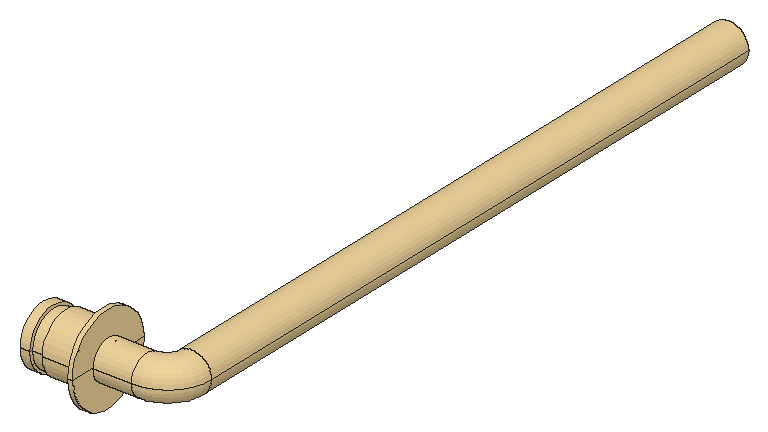
Revit family "ABC-PEX_Фитинг_L-образное подключение к отопительному прибору", category Соединительные детали трубопроводов, Revit 2019
Family settings
  Размер круглого соединителя = Использовать диаметр
  Тип детали = Отвод
  На основе рабочей плоскости = Нет
  Всегда вертикально = Да
  При загрузке вырезать с полостями = Нет
  Общий = Нет
Parameters
  Таблица выбора = "ABC-PEX_Фитинг_L-образное подключение к отопительному прибору"  # constant formula
  Материал_Корпус = Латунь
  Угол1 [instance] = if(and(85.00° < Угол, Угол < 95.00°), 90.00°, 90.00°)  # 90.00°
  d [instance] = DN1 - 4 mm  # 12 mm
  c [instance] = size_lookup(Таблица выбора, "c", 30 mm, DN1)  # 95 mm
  b [instance] = size_lookup(Таблица выбора, "b", 30 mm, DN1)  # 252 mm
  R [instance] = DN1 / 2 + 2 mm  # 10 mm
  DN1 [instance] = 16 mm
  Угол [instance] = 90.00°
  a [instance] = size_lookup(Таблица выбора, "a", 30 mm, DN1)  # 282 mm
  URL = "http://aquatherm.ru/"
  ADSK_Примечание = ""
  ADSK_Наименование [instance] = size_lookup(Таблица выбора, "ADSK_Наименование", "Нет в каталоге", DN1)  # "L-образное подключение к отопительному прибору DN16x250"
  ADSK_Масса [instance] = size_lookup(Таблица выбора, "ADSK_Масса", 0, DN1)  # 0
  ADSK_Марка [instance] = size_lookup(Таблица выбора, "ADSK_Марка", "Нет в каталоге", DN1)  # "ABC-T16250"
  ADSK_Завод-изготовитель = "Agpipe"  # constant formula
Reference planes
  plane 1 "По центру (Вперед/Назад)": y = 0
  plane 2: z = 0
  plane 3 "По центру (Влево/Вправо)": x = 0
  plane 4: x = -26
  plane 5: y = 252
  plane 6: y = 282
  plane 7: x = -43
  plane 8: y = -8
  plane 9: y = 8
Forms (mm)
  Sweep 1, solid, material "Латунь" <- "Материал_Корпус", detail levels fine
    path origin (0, 0, 0) x (1, 0, 0) y (0, 1, 0)
      loop
        line (-26, 0) -> (-10, 0)
        arc (-10, 0) -> (-2.929, 2.929) -> (0, 10) r 10
        line (0, 10) -> (0, 282)
    profile origin (-18, 0, 0) x (0, 1, 0) y (0, 0, 1)
      loop
        circle (0, 0) r 8
      loop
        circle (0, 0) r 6
  Revolve 2, solid, material "Латунь" <- "Материал_Корпус", detail levels fine
    sketch origin (0, 0, 0) x (0, 1, 0) y (-1, 0, 0)
      loop
        line (8, 43) -> (5.965, 43) -> (5.965, 26) -> (18, 26) -> (18, 28) -> (8, 28) -> (8, 43)
      axis (0, 43) -> (0, 26)
    angle from 0 to 360
Lines and regions (mm)
  reference lines
    curve 1: line (0, 0, 0) -> (-26, 0, 0)
  symbolic lines, detail levels coarse+medium
    curve 2: line (0, 0, 0) -> (0, 282, 0)
    curve 3: line (-43, 0, 0) -> (0, 0, 0)
Dimensions and locks
  "b": plane 1 "По центру (Вперед/Назад)" to plane 5
  plane 4 to plane 3 "По центру (Влево/Вправо)" = 26 mm
  plane 7 to plane 3 "По центру (Влево/Вправо)" = 43 mm
  "a": plane 1 "По центру (Вперед/Назад)" to plane 6
  equal spacing: plane 8, plane 1 "По центру (Вперед/Назад)", plane 9
  locked: Revolve 2 sketch curve to plane 9 at 2.035
  locked: plane 9 to Revolve 2 sketch curve at 10
  "DN1": plane 9 to plane 8
  "R": radius of Sweep 1 sketch curve
  "DN1": diameter of Sweep 1 sketch curve
  "d": diameter of Sweep 1 sketch curve
  aligned and locked: level to plane 2
  aligned and locked: plane 3 "По центру (Влево/Вправо)" to nested 1
  aligned and locked: plane 1 "По центру (Вперед/Назад)" to nested 1
  aligned and locked: curve 1 to plane 1 "По центру (Вперед/Назад)"
  aligned and locked: plane 4 to curve 1
  aligned and locked: curve 1 to nested 1
  aligned and locked: plane 4 to Sweep 1 sketch curve
  aligned and locked: plane 1 "По центру (Вперед/Назад)" to Sweep 1 sketch curve
  aligned and locked: plane 3 "По центру (Влево/Вправо)" to Sweep 1 sketch curve
  aligned and locked: Revolve 2 sketch curve to plane 9
  aligned and locked: nested 2 to Revolve 2
  aligned and locked: nested 2 to plane 1 "По центру (Вперед/Назад)"
  aligned and locked: plane 6 to curve 2
  aligned and locked: plane 6 to Sweep 1 sketch curve
  aligned and locked: plane 3 "По центру (Влево/Вправо)" to curve 3
  aligned and locked: plane 7 to curve 3
Automatic sketch dimensions
  curve 1 to plane 3 "По центру (Влево/Вправо)" = 0 mm
  Sweep 1 sketch curve to Sweep 1 sketch curve = 0 mm  (x2)
  Sweep 1 sketch curve to level = 0 mm
  Sweep 1 sketch curve to profile plane = 0 mm
  Revolve 2 sketch curve to plane 1 "По центру (Вперед/Назад)" = 0 mm
  Revolve 2 sketch curve to plane 4 = 0 mm
  Revolve 2 sketch curve to plane 7 = 0 mm
  Revolve 2 sketch curve to Revolve 2 sketch curve = 2 mm
  plane 3 "По центру (Влево/Вправо)" to Revolve 2 sketch curve = 2000 mm
  Revolve 2 sketch curve to plane 7 = 1957 mm
  plane 1 "По центру (Вперед/Назад)" to curve 3 = 0 mm
Nested families
  nested 1: "Семейство2" at (0, 0, 0), a <- "Угол1", d <- "DN1", Материал_Корпус <- "Материал_Корпус", type "Семейство2", not visible
    with Материал_Корпус Латунь, z 26 mm, l 205 mm, d 16 mm, a 90.00°, D 208 mm, 1 no
  nested 2: "ABC-PEX_Фитинг_Надвижная гильза" at (-40, 0, 0) x (-1, 0, 0) z (0, 0, 1), DN <- "DN1", type "ABC-PEX_Фитинг_Надвижная гильза", detail levels fine
    with b 24 mm, a 24 mm, DN 16 mm, ADSK_Наименование "Надвижная гильза DN16", ADSK_Масса 0.008, ADSK_Марка "ABC-F-116"
Connectors
  piping at (0, 282, 0), diameter 16, driven by "DN1"
    settings: on Sweep 1, index 2, connector inside diameter 609.6 mm, connector length 0 mm, flow factor 0, pipe flow 0.0 L/s, pressure drop 0.0 Pa, fitting loss kfactor 0, connector angle 0.00°, fixture units 0, engagement length 0 mm, angle of deflection 0.00°, flow configuration 0, flow direction 0, fitting loss method 0, system type 28, joint type 0, gender type 0, connector reference index 3, connector utility 0, adjustable connector no, is connector primary yes, connector description ""
  piping at (-26, 0, 0), diameter 16, driven by "DN1"
    settings: on curve 1, index 3, connector inside diameter 609.6 mm, connector length 0 mm, flow factor 0, pipe flow 0.0 L/s, pressure drop 0.0 Pa, fitting loss kfactor 0, connector angle 0.00°, fixture units 0, engagement length 0 mm, angle of deflection 0.00°, flow configuration 0, flow direction 0, fitting loss method 0, system type 28, joint type 0, gender type 0, connector reference index 2, connector utility 0, adjustable connector no, is connector primary no, connector description ""
Definition of nested family "ABC-PEX_Фитинг_Надвижная гильза"
  Parameters (values of type "ABC-PEX_Фитинг_Надвижная гильза")
    Таблица выбора = "ABC-PEX_Фитинг_Надвижная гильза"  # constant formula
    Маткриал_Корпус = none
    b [instance] = size_lookup(Таблица выбора, "b", 30 mm, DN)  # 24 mm
    a [instance] = size_lookup(Таблица выбора, "a", 30 mm, DN)  # 24 mm
    DN [instance] = 16 mm
    ADSK_Примечание = ""
    ADSK_Наименование [instance] = size_lookup(Таблица выбора, "ADSK_Наименование", "Нет в каталоге", DN)  # "Надвижная гильза DN16"
    ADSK_Масса [instance] = size_lookup(Таблица выбора, "ADSK_Масса", 0, DN)  # 0.008
    ADSK_Марка [instance] = size_lookup(Таблица выбора, "ADSK_Марка", "Нет в каталоге", DN)  # "ABC-F-116"
    ADSK_Завод-изготовитель = "Agpipe"  # constant formula
  Reference planes
    plane 1 "По центру (Вперед/Назад)": y = 0
    plane 2: z = 0
    plane 3 "По центру (Влево/Вправо)": x = 0
    plane 4: y = 12
    plane 5: y = -12
    plane 6: x = -12
    plane 7: x = 12
    plane 8: y = 8
    plane 9: y = -8
  Forms (mm)
    Revolve 1, solid, material <- "Маткриал_Корпус"
      sketch origin (0, 0, 0) x (1, 0, 0) y (0, 1, 0)
        loop
          line (-12, 12) -> (-12, 10) -> (12, 10) -> (12, 12) -> (8, 12) -> (8, 11) -> (3, 11) -> (3, 12) -> (-12, 12)
        axis (-12, 0) -> (12, 0)
      angle from 0 to 360
  Lines and regions (mm)
    reference lines
      curve 1: line (-12, 0, 0) -> (12, 0, 0)
  Dimensions and locks
    equal spacing: plane 4, plane 1 "По центру (Вперед/Назад)", plane 5
    "b": plane 4 to plane 5
    equal spacing: plane 6, plane 3 "По центру (Влево/Вправо)", plane 7
    "a": plane 6 to plane 7
    plane 4 to Revolve 1 sketch curve = 2 mm
    equal spacing: plane 9, plane 1 "По центру (Вперед/Назад)", plane 8
    "DN": plane 9 to plane 8
    Revolve 1 sketch curve to Revolve 1 sketch curve to plane 7 = 5 mm locked, 4 mm locked
    Revolve 1 sketch curve to Revolve 1 sketch curve to plane 4 = 1 mm locked, 1 mm locked
    aligned and locked: level to plane 2
    aligned and locked: plane 1 "По центру (Вперед/Назад)" to Revolve 1 sketch curve
    aligned and locked: plane 4 to Revolve 1 sketch curve
    aligned and locked: Revolve 1 sketch curve to plane 4
    aligned and locked: plane 6 to Revolve 1 sketch curve
    aligned and locked: plane 7 to Revolve 1 sketch curve
    aligned and locked: plane 7 to curve 1
    aligned and locked: plane 6 to curve 1
  Automatic sketch dimensions
    plane 1 "По центру (Вперед/Назад)" to curve 1 = 0 mm
    plane 6 to Revolve 1 sketch curve = 5 mm
    Revolve 1 sketch curve to plane 7 = 4 mm
  Connectors
    piping at (-12, 0, 0), diameter 16, driven by "DN"
      settings: on curve 1, index 1, connector inside diameter 609.6 mm, connector length 0 mm, flow factor 0, pipe flow 0.0 L/s, pressure drop 0.0 Pa, fitting loss kfactor 0, connector angle 0.00°, fixture units 0, engagement length 0 mm, angle of deflection 0.00°, flow configuration 0, flow direction 0, fitting loss method 0, system type 28, joint type 0, gender type 0, connector reference index 2, connector utility 0, adjustable connector no, is connector primary yes, connector description ""
    piping at (12, 0, 0), diameter 16, driven by "DN"
      settings: on curve 1, index 2, connector inside diameter 609.6 mm, connector length 0 mm, flow factor 0, pipe flow 0.0 L/s, pressure drop 0.0 Pa, fitting loss kfactor 0, connector angle 0.00°, fixture units 0, engagement length 0 mm, angle of deflection 0.00°, flow configuration 0, flow direction 0, fitting loss method 0, system type 28, joint type 0, gender type 0, connector reference index 1, connector utility 0, adjustable connector no, is connector primary no, connector description ""
Definition of nested family "Семейство2"
  Parameters (values of type "Семейство2")
    Материал_Корпус [instance] = none
    z [instance] = 30 mm
    l [instance] = 130 mm
    d [instance] = 16 mm
    a [instance] = 27.00°
    D [instance] = 10 mm
    1 [instance] = yes
  Reference planes
    plane 1 "По центру (Вперед/Назад)": y = 0
    plane 2: z = 0
    plane 3 "По центру (Влево/Вправо)": x = 0
  Dimensions and locks
    "a": angle plane 1 "По центру (Вперед/Назад)" to nested 1
    aligned and locked: level to plane 2
  Nested families
    nested 1: "Семейство1" at (0, 0, 0) x (0.891, 0.454, 0) z (0, 0, 1), D <- "D", l <- "l", d <- "d", z <- "z", Материал_Корпус <- "Материал_Корпус", visible <- "1", type "Семейство1"
      with Материал_Корпус none, z 30 mm, l 130 mm, d 16 mm, D 10 mm, 1 yes
  Definition of nested family "Семейство1"
    Parameters (values of type "Семейство1")
      Материал_Корпус [instance] = none
      z [instance] = 60.854 mm
      l [instance] = 130.662 mm
      d [instance] = 83.545 mm
      D [instance] = 10 mm  # constant formula
      1 [instance] = yes
    Reference planes
      plane 1 "По центру (Вперед/Назад)": y = 0
      plane 2: z = 0
      plane 3 "По центру (Влево/Вправо)": x = 0
      plane 4: x = 60.854
      plane 5: x = 60.854
    Forms (mm)
      Extrusion 1, solid, visible <- "1"
        sketch origin (0, 0, 0) x (0, 1, 0) y (0, 0, 1)
          loop
            circle (0, 0) r 5
        from 0 to 60.854
    Dimensions and locks
      "z": plane 3 "По центру (Влево/Вправо)" to plane 4
      "D": diameter of Extrusion 1 sketch curve
      aligned and locked: level to plane 2
      aligned and locked: plane 4 to Extrusion 1
      aligned and locked: Extrusion 1 to plane 3 "По центру (Влево/Вправо)"
    Automatic sketch dimensions
      Extrusion 1 sketch curve to level = 0 mm
      Extrusion 1 sketch curve to plane 1 "По центру (Вперед/Назад)" = 0 mm
